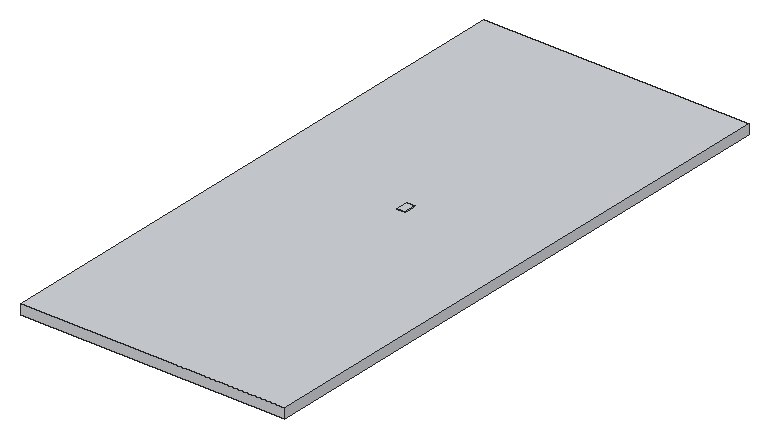
Revit family "M_Rectangular Face Opening Solid", category Generic Models, host Face, Revit 2020
Family settings
  Host = Face
  Can host rebar = No
  Round Connector Dimension = Use Diameter
  Part Type = Normal
  OmniClass Number = 23.30.00.00
  OmniClass Title = Openings, Passages, Protection
  Cut with Voids When Loaded = Yes
  Shared = No
  Room Calculation Point = No
Parameters (values of type "Rectangular Face Opening")
  h [instance] = 300 mm
  b [instance] = 200 mm
  U.K_#World [instance] = Opening Absolute Level - Height / 2  # -150 mm
  U.K_#Project [instance] = Opening Elevation - Height / 2  # -150 mm
  U.K_#Link [instance] = ##Middle Elevation - Height / 2  # -150 mm
  Struc - Date [instance] = ""
  Struc - Comment [instance] = "-"
  Struc - Approval [instance] = no
  Slope Shift_Plan [instance] = Width_help / 2  # 100 mm
  Slope Shift_Front_Back [instance] = if(or(Rotate = 90.00°, Rotate = 270.00°), (Width_help - Additional Bottom Cut Offset + Additional Top Cut Offset) / 2, Width / 2)  # 100 mm
  Slope Shift_Left_Right [instance] = if(Slope = 0.00°, if(or(Rotate = 0.00°, Rotate = 180.00°), HT, Height_help / 2), (if(or(Rotate = 90.00°, Rotate = 270.00°), Width / cos(Slope) / 2 - (Depth with Offset * tan(Slope)), Height_help w_o add offsets / cos(Slope) / 2 - (Depth with Offset * tan(Slope)) + if(Additional Top Cut Offset > 0 mm, Additional Top Cut Offset / cos(Slope), 0 mm)))) + (tan(Slope) * Depth with Offset) + if(Rotate = 0.00°, Additional Bottom Cut Offset - Additional Top Cut Offset, 0 mm)  # 150 mm
  Width_help [instance] = if(or(Rotate = 90.00°, Rotate = 270.00°), Height, Width)  # 200 mm
  System Type [instance] = ""
  System Name [instance] = ""
  System Classification [instance] = ""
  Subcategory = "Cut Opening"  # constant formula
  Slope_Help [instance] = if(Face Offset_True = 0 mm, 2 mm, 1 mm)  # 2 mm
  Slope [instance] = 0.00°
  Service Type [instance] = ""
  Opening Shape [instance] = ""
  Opening Mark [instance] = ""
  Opening Level [instance] = ""
  Opening Elevation [instance] = 0 mm
  Opening Area [instance] = Width * Height  # 0.06 m²
  Opening Absolute Level [instance] = 0 mm
  MEP - Not Required [instance] = no
  MEP - Date [instance] = ""
  MEP - Comment [instance] = "-"
  MEP - Approval [instance] = no
  Insertion Date [instance] = ""
  Insertion Configuration [instance] = ""
  Inserted By [instance] = ""
  Host [instance] = ""
  Height_help w_o add offsets [instance] = if(h > 2 mm, h + 2 * Cut Offset, 2 mm)  # 300 mm
  Width [instance] = if(b > 2 mm, b + 2 * Cut Offset, 2 mm)  # 200 mm
  Top Length [instance] = if(Face Offset_True = 0 mm, if(Lengthen / 1 * tan(Slope_T) < 2 mm, 0 mm, Lengthen / 1 * tan(Slope_T)), 0 mm)  # 0 mm
  Slope_T [instance] = if(and(not(Slope < 0.00°), Slope < 85.00°), Slope, 0.00°)  # 0.00°
  Rotate_T [instance] = -Rotate  # 0.00°
  Rotate [instance] = 0.00°
  Opening Offset Z [instance] = (-(Additional Top Cut Offset - Additional Bottom Cut Offset) / 2) * sin(Rotate)  # 0 mm
  Opening Offset X [instance] = (-(Additional Top Cut Offset - Additional Bottom Cut Offset) / 2) * cos(Rotate)  # 0 mm
  Lengthen [instance] = if(Height > Width, Height, Width)  # 300 mm
  Height_help [instance] = if(or(Rotate = 90.00°, Rotate = 270.00°), Width / cos(Slope), Height / cos(Slope))  # 300 mm
  HT [instance] = (h / 2 + 1 * Cut Offset + Additional Top Cut Offset) / sin(Angle)  # 150 mm
  HB [instance] = (h / 2 + 1 * Cut Offset + Additional Bottom Cut Offset) / sin(Angle)  # 150 mm
  Filled Region = yes
  Lines [instance] = not(Filled Region)  # no
  Face Offset_Positive [instance] = if(Face Offset_True > 0 mm, Face Offset_True, 0 mm)  # 0 mm
  Face Offset_Negative [instance] = if(Face Offset_True < 0 mm, -Face Offset_True, 0 mm)  # 0 mm
  Face Offset_True [instance] = if(Slope = 0.00°, Face Offset, 0 mm)  # 0 mm
  Face Offset [instance] = 0 mm
  Extrude End [instance] = -Depth_True  # -250 mm
  Detail - Yes / No [instance] = no
  Description = "BM"
  Depth_True [instance] = if(Depth with Offset + Face Offset_True > 2 mm, Depth with Offset + Face Offset_True, 2 mm)  # 250 mm
  Depth with Offset [instance] = Depth + Depth Offset  # 250 mm
  Depth Offset [instance] = 0 mm
  Depth [instance] = 250 mm
  Dashed Outline = yes
  Bottom Length [instance] = if(Depth with Offset > 2 mm, Depth with Offset / sin(Angle), 2 mm) + Lengthen / 1 * tan(Slope_T)  # 250 mm
  Height_True [instance] = Height / sin(Angle)  # 300 mm
  Height [instance] = if(h > 2.032 mm, h + 2 * Cut Offset + Additional Top Cut Offset + Additional Bottom Cut Offset, 2.032 mm)  # 300 mm
  Default Elevation = 0 mm
  Cut Offset [instance] = 0 mm
  Assembly Code = ""
  Arc - Date [instance] = ""
  Arc - Comment [instance] = "-"
  Arc - Approval [instance] = no
  Angle [instance] = 90.00° - Slope_T  # 90.00°
  Additional Top Cut Offset [instance] = 0 mm
  Additional Bottom Cut Offset [instance] = 0 mm
  #Phase Created [instance] = ""
  #Level [instance] = ""
  #Elevation at Bottom [instance] = 0 mm
  ##Reference Level [instance] = ""
  ##Middle Elevation [instance] = 0 mm
  ##Design Option [instance] = ""
  ##Bottom Elevation [instance] = 0 mm
Reference planes
  plane 1 "Center (Front/Back)": y = 0
  plane 2: z = 0
  plane 3 "Center (Left/Right)": x = 0
  plane 4: x = -100
  plane 5: x = 100
  plane 6: y = -150
  plane 7: y = 150
  plane 8 "Graphical Elements Movement Help": y = -150
  plane 9 "Graphical Elements Movement Help 2": x = -100
  plane 10 "Face Offset_Negative": z = 0
  plane 11 "Face Offset_Positive": z = 0
  plane 12 "Graphical Elements Movement Help 3": x = 0
Forms (mm)
  Extrusion 1, solid
    sketch origin (0, 0, 0) x (1, 0, 0) y (0, 1, 0)
      loop
        line (-3545.185, 6900) -> (-3545.185, -7832.283) -> (3196.862, -7832.283) -> (3196.862, 6900) -> (-3545.185, 6900)
    from 0 to -250 <- "Extrude End"
  Sweep 2, solid
    path in 3D
      loop
        line (0, 0, -250) -> (0, 0, -2) -> (0, 0, 0)
    profile "Rertangular Profile : Rertangular Profile" origin (0, 0, -1) x (0, -1, 0) y (1, 0, 0)
      loop
        line (-150, 100) -> (-150, -100) -> (150, -100) -> (150, 100) -> (-150, 100)
Lines and regions (mm)
  reference lines
    curve 1: line (0, 0, -2) -> (0, 0, 0)
    curve 2: line (0, 0, -2) -> (0, 0, -250)
  sketch lines
    curve 3: line (0, 0, -2) -> (0, 0, 0)
    curve 4: line (0, 0, -2) -> (0, 0, -250)
Dimensions and locks
  equal spacing: plane 4, plane 3 "Center (Left/Right)", plane 5
  "Width": plane 4 to plane 5
  "Height_True": plane 7 to plane 6
  "Bottom Length": plane 2 to curve 2
  "Top Length": plane 10 "Face Offset_Negative" to curve 1
  "HT": plane 1 "Center (Front/Back)" to plane 7
  "HB": plane 1 "Center (Front/Back)" to plane 6
  plane 1 "Center (Front/Back)" to plane 8 "Graphical Elements Movement Help" = 150 mm
  "Slope Shift_Front_Back": plane 3 "Center (Left/Right)" to plane 9 "Graphical Elements Movement Help 2"
  "Face Offset_Positive": plane 11 "Face Offset_Positive" to plane 2
  "Face Offset_Negative": plane 11 "Face Offset_Positive" to plane 10 "Face Offset_Negative"
  "Slope_Help": plane 10 "Face Offset_Negative" to curve 1
  "Slope Shift_Left_Right": plane 8 "Graphical Elements Movement Help" to plane 1 "Center (Front/Back)"
  "Slope Shift_Plan": plane 9 "Graphical Elements Movement Help 2" to plane 12 "Graphical Elements Movement Help 3"
  "Width_help": plane 9 "Graphical Elements Movement Help 2" to nested 1
  "Width_help": plane 9 "Graphical Elements Movement Help 2" to nested 7
  "Angle": angle curve 2 to level
  "Angle": angle curve 1 to level
  aligned and locked: Extrusion 1 to plane 2
  aligned and locked: Extrusion 1 to level
  aligned and locked: plane 1 "Center (Front/Back)" to curve 2
  aligned and locked: plane 9 "Graphical Elements Movement Help 2" to nested 2
  aligned and locked: plane 9 "Graphical Elements Movement Help 2" to nested 4
  aligned and locked: nested 4 to plane 10 "Face Offset_Negative"
  aligned and locked: nested 2 to plane 10 "Face Offset_Negative"
  aligned and locked: nested 8 to plane 10 "Face Offset_Negative"
  aligned and locked: nested 6 to plane 8 "Graphical Elements Movement Help"
  aligned and locked: nested 6 to plane 10 "Face Offset_Negative"
  aligned and locked: nested 5 to plane 8 "Graphical Elements Movement Help"
  aligned and locked: nested 5 to plane 10 "Face Offset_Negative"
  aligned and locked: nested 9 to plane 8 "Graphical Elements Movement Help"
  aligned and locked: nested 9 to plane 10 "Face Offset_Negative"
  aligned and locked: nested 3 to plane 8 "Graphical Elements Movement Help"
  aligned and locked: plane 9 "Graphical Elements Movement Help 2" to nested 8
  aligned and locked: nested 3 to plane 12 "Graphical Elements Movement Help 3"
  aligned and locked: nested 1 to plane 8 "Graphical Elements Movement Help"
  aligned and locked: nested 7 to plane 8 "Graphical Elements Movement Help"
Automatic sketch dimensions
  Extrusion 1 sketch curve to Extrusion 1 sketch curve = 6742.047 mm
  Extrusion 1 sketch curve to Extrusion 1 sketch curve = 14732.283 mm
Nested families
  nested 1: "Opening Lines - Front" at (100, -150, 0) x (-1, 0, 0) z (0, 0, 1), Width_or_Height <- "Width_help", Depth <- "Height_help", visible <- "Lines", type "Standard"
    with Width_or_Height_True 200 mm, Width_or_Height 200 mm, Test Angle q 60.00°, Test Angle p 135.00°, Side Length 300 mm, Region Visible yes, built-in parameter 1001306 0.65617 (stored number, unit not read), Diagonal q 360.555 mm, Diagonal p 360.555 mm, Depth_True 300 mm, Depth 300 mm, Coeff2 1.5, Coeff1 0.66667, Angle_True 90.00°, Angle 90.00°
  nested 2: "Opening Region - Front" at (-100, 0, 0) x (1, 0, 0) z (0, -1, 0), Width_or_Height <- "Width_help", Depth <- "Depth_True", visible <- "Filled Region", type "Standard"
    with Width_or_Height_True 200 mm, Width_or_Height 200 mm, Test Angle q 72.00°, Test Angle p 112.50°, Side Length 250 mm, Region Visible yes, built-in parameter 1001306 0.65617 (stored number, unit not read), Diagonal q 320.156 mm, Diagonal p 320.156 mm, Depth_True 250 mm, Depth 250 mm, Coeff2 1.25, Coeff1 0.8, Angle_True 90.00°, Angle 90.00°
  nested 3: "Opening Region - Plan" at (0, -150, 0) x (-1, 0, 0) z (0, 0, 1), Width <- "Width_help", Depth_Height <- "Height_help", visible <- "Filled Region", type "Standard"
    with Width 200 mm, Depth_Height 300 mm, Depth_4 50 mm, Depth_2 100 mm
  nested 4: "Opening Lines - Front" at (-100, 0, 0) x (1, 0, 0) z (0, -1, 0), Width_or_Height <- "Width_help", Depth <- "Depth_True", visible <- "Lines", type "Standard"
    with Width_or_Height_True 200 mm, Width_or_Height 200 mm, Test Angle q 72.00°, Test Angle p 112.50°, Side Length 250 mm, Region Visible yes, built-in parameter 1001306 0.65617 (stored number, unit not read), Diagonal q 320.156 mm, Diagonal p 320.156 mm, Depth_True 250 mm, Depth 250 mm, Coeff2 1.25, Coeff1 0.8, Angle_True 90.00°, Angle 90.00°
  nested 5: "Opening Region - Front" at (0, -150, 0) x (0, 1, 0) z (1, 0, 0), Width_or_Height <- "Height_help", Depth <- "Depth_True", Angle <- "Angle", visible <- "Filled Region", type "Standard"
    with Width_or_Height_True 300 mm, Width_or_Height 300 mm, Test Angle q 108.00°, Test Angle p 75.00°, Side Length 250 mm, Region Visible yes, built-in parameter 1001306 0.98425 (stored number, unit not read), Diagonal q 390.512 mm, Diagonal p 390.512 mm, Depth_True 250 mm, Depth 250 mm, Coeff2 0.83333, Coeff1 1.2, Angle_True 90.00°, Angle 90.00°
  nested 6: "Opening Lines - Front" at (0, -150, 0) x (0, 1, 0) z (1, 0, 0), Width_or_Height <- "Height_help", Depth <- "Depth_True", Angle <- "Angle", visible <- "Lines", type "Standard"
    with Width_or_Height_True 300 mm, Width_or_Height 300 mm, Test Angle q 108.00°, Test Angle p 75.00°, Side Length 250 mm, Region Visible yes, built-in parameter 1001306 0.98425 (stored number, unit not read), Diagonal q 390.512 mm, Diagonal p 390.512 mm, Depth_True 250 mm, Depth 250 mm, Coeff2 0.83333, Coeff1 1.2, Angle_True 90.00°, Angle 90.00°
  nested 7: "Opening Outlines - Front" at (100, -150, 0) x (-1, 0, 0) z (0, 0, 1), Width_or_Height <- "Width_help", Depth <- "Height_help", visible <- "Dashed Outline", type "Standard"
    with Width_or_Height_True 200 mm, Width_or_Height 200 mm, Test Angle q 60.00°, Test Angle p 135.00°, Side Length 300 mm, Region Visible yes, built-in parameter 1001306 0.65617 (stored number, unit not read), Diagonal q 360.555 mm, Diagonal p 360.555 mm, Depth_True 300 mm, Depth 300 mm, Coeff2 1.5, Coeff1 0.66667, Angle_True 90.00°, Angle 90.00°
  nested 8: "Opening Outlines - Front" at (-100, 0, 0) x (1, 0, 0) z (0, -1, 0), Width_or_Height <- "Width_help", Depth <- "Depth_True", visible <- "Dashed Outline", type "Standard"
    with Width_or_Height_True 200 mm, Width_or_Height 200 mm, Test Angle q 72.00°, Test Angle p 112.50°, Side Length 250 mm, Region Visible yes, built-in parameter 1001306 0.65617 (stored number, unit not read), Diagonal q 320.156 mm, Diagonal p 320.156 mm, Depth_True 250 mm, Depth 250 mm, Coeff2 1.25, Coeff1 0.8, Angle_True 90.00°, Angle 90.00°
  nested 9: "Opening Outlines - Front" at (0, -150, 0) x (0, 1, 0) z (1, 0, 0), Width_or_Height <- "Height_help", Depth <- "Depth_True", Angle <- "Angle", visible <- "Dashed Outline", type "Standard"
    with Width_or_Height_True 300 mm, Width_or_Height 300 mm, Test Angle q 108.00°, Test Angle p 75.00°, Side Length 250 mm, Region Visible yes, built-in parameter 1001306 0.98425 (stored number, unit not read), Diagonal q 390.512 mm, Diagonal p 390.512 mm, Depth_True 250 mm, Depth 250 mm, Coeff2 0.83333, Coeff1 1.2, Angle_True 90.00°, Angle 90.00°
Definition of nested family "Opening Lines - Front"
  Parameters (values of type "Standard")
    Width_or_Height_True [instance] = if(Width_or_Height < 2 mm, 2 mm, if(or(0.5 * Diagonal q < 1 mm, 0.5 * Diagonal q < 1 mm), 2 mm, Width_or_Height))  # 15000 mm
    Width_or_Height [instance] = 15000 mm
    Test Angle q [instance] = Coeff1 * Angle  # 2700.00°
    Test Angle p [instance] = Coeff2 * Angle  # 3.00°
    Side Length [instance] = Depth / sin(Angle)  # 500 mm
    Region Visible [instance] = if(Angle < 20.00°, 1 = 0, if(or(Test Angle q < 3.00°, Test Angle p < 3.00°), 1 = 0, if(or(Width_or_Height < 2 mm, Depth < 2 mm), 1 = 0, if(or(0.5 * Diagonal q < 1 mm, 0.5 * Diagonal q < 1 mm), 1 = 0, 1 = 1))))  # yes
    built-in parameter 1001306 [instance] = Width_or_Height_True  # 49.213 (stored number, unit not read)
    Diagonal q [instance] = if(Angle < 90.00°, sqrt(Side Length ^ 2 + Width_or_Height ^ 2 + 2 * Width_or_Height * Side Length * cos(Angle)), sqrt(Side Length ^ 2 + Width_or_Height ^ 2 - 2 * Width_or_Height * Side Length * cos(Angle)))  # 15008.331 mm
    Diagonal p [instance] = if(Angle < 90.00°, sqrt(Side Length ^ 2 + Width_or_Height ^ 2 - 2 * Width_or_Height * Side Length * cos(Angle)), sqrt(Side Length ^ 2 + Width_or_Height ^ 2 + 2 * Width_or_Height * Side Length * cos(Angle)))  # 15008.331 mm
    Depth_True [instance] = if(or(Test Angle q < 2.00°, Test Angle p < 2.00°), Width_or_Height, if(Depth < 2 mm, 2 mm, if(or(0.5 * Diagonal q < 1 mm, 0.5 * Diagonal q < 1 mm), Width_or_Height_True, Depth)))  # 500 mm
    Depth [instance] = 500 mm
    Coeff2 [instance] = Depth / Width_or_Height  # 0.033333
    Coeff1 [instance] = Width_or_Height / Depth  # 30
    Angle_True [instance] = if(Angle < 20.00°, 90.00°, if(or(Test Angle q < 3.00°, Test Angle p < 3.00°), 90.00°, if(or(0.5 * Diagonal q < 1 mm, 0.5 * Diagonal q < 1 mm), 90.00°, Angle)))  # 90.00°
    Angle [instance] = 90.00°
  Reference planes
    plane 1 "Center (Front/Back)": y = 0
    plane 2: z = 0
    plane 3 "Left": x = 0
    plane 4 "Right": x = 15000
    plane 5 "Bottom center": y = -500
  Lines and regions (mm)
    reference lines, in view "Ref. Level"
      curve 1: line (0, 0, 0) -> (15000, 0, 0)
      curve 2: line (15000, 0, 0) -> (15000, -500, 0)
      curve 3: line (0, 0, 0) -> (0, -500, 0)
      curve 4: line (0, 0, 0) -> (15000, -500, 0)
      curve 5: line (0, -500, 0) -> (15000, 0, 0)
    detail lines, in view "Ref. Level"
      curve 6: line (15000, 0, 0) -> (0, -500, 0)
      curve 7: line (0, 0, 0) -> (15000, -500, 0)
  Dimensions and locks
    plane 3 "Left" to plane 4 "Right" = 15000 mm
    "Depth_True": plane 1 "Center (Front/Back)" to plane 5 "Bottom center"
    "Width_or_Height_True": plane 3 "Left" to plane 4 "Right"
    "Angle_True": angle plane 5 "Bottom center" to curve 2
    "Angle_True": angle plane 5 "Bottom center" to curve 3
    aligned and locked: plane 4 "Right" to curve 1
    aligned and locked: plane 3 "Left" to curve 1
    aligned and locked: curve 2 to plane 5 "Bottom center"
    aligned and locked: plane 1 "Center (Front/Back)" to curve 1
    aligned and locked: curve 5 to curve 6
    aligned and locked: curve 7 to curve 4  (x2)
    aligned and locked: curve 6 to curve 5
  Automatic sketch dimensions
    curve 5 to plane 5 "Bottom center" = 0 mm
    curve 6 to plane 5 "Bottom center" = 0 mm
    plane 1 "Center (Front/Back)" to curve 7 = 0 mm
    curve 7 to plane 5 "Bottom center" = 0 mm
    plane 1 "Center (Front/Back)" to curve 6 = 0 mm
Definition of nested family "Opening Region - Front"
  Parameters (values of type "Standard")
    Width_or_Height_True [instance] = if(Width_or_Height < 2 mm, 2 mm, if(or(0.5 * Diagonal q < 1 mm, 0.5 * Diagonal q < 1 mm), 2 mm, Width_or_Height))  # 11000 mm
    Width_or_Height [instance] = 11000 mm
    Test Angle q [instance] = Coeff1 * Angle  # 4950.00°
    Test Angle p [instance] = Coeff2 * Angle  # 1.63636°
    Side Length [instance] = Depth / sin(Angle)  # 200 mm
    Region Visible [instance] = if(Angle < 20.00°, 1 = 0, if(or(Test Angle q < 3.00°, Test Angle p < 3.00°), 1 = 0, if(or(Width_or_Height < 2 mm, Depth < 2 mm), 1 = 0, if(or(0.5 * Diagonal q < 1 mm, 0.5 * Diagonal q < 1 mm), 1 = 0, 1 = 1))))  # no
    built-in parameter 1001306 [instance] = Width_or_Height_True  # 36.089 (stored number, unit not read)
    Diagonal q [instance] = if(Angle < 90.00°, sqrt(Side Length ^ 2 + Width_or_Height ^ 2 + 2 * Width_or_Height * Side Length * cos(Angle)), sqrt(Side Length ^ 2 + Width_or_Height ^ 2 - 2 * Width_or_Height * Side Length * cos(Angle)))  # 11001.818 mm
    Diagonal p [instance] = if(Angle < 90.00°, sqrt(Side Length ^ 2 + Width_or_Height ^ 2 - 2 * Width_or_Height * Side Length * cos(Angle)), sqrt(Side Length ^ 2 + Width_or_Height ^ 2 + 2 * Width_or_Height * Side Length * cos(Angle)))  # 11001.818 mm
    Depth_True [instance] = if(or(Test Angle q < 2.00°, Test Angle p < 2.00°), Width_or_Height, if(Depth < 2 mm, 2 mm, if(or(0.5 * Diagonal q < 1 mm, 0.5 * Diagonal q < 1 mm), Width_or_Height_True, Depth)))  # 11000 mm
    Depth [instance] = 200 mm
    Coeff2 [instance] = Depth / Width_or_Height  # 0.018182
    Coeff1 [instance] = Width_or_Height / Depth  # 55
    Angle_True [instance] = if(Angle < 20.00°, 90.00°, if(or(Test Angle q < 3.00°, Test Angle p < 3.00°), 90.00°, if(or(0.5 * Diagonal q < 1 mm, 0.5 * Diagonal q < 1 mm), 90.00°, Angle)))  # 90.00°
    Angle [instance] = 90.00°
  Reference planes
    plane 1 "Center (Front/Back)": y = 0
    plane 2: z = 0
    plane 3 "Left": x = 0
    plane 4 "Right": x = 11000
    plane 5: y = -11000
  Lines and regions (mm)
    Filled region 1, type "Solid Fill - Black", in view "Ref. Level", visible <- "Region Visible"
      outline origin (0, 0, 0) x (1, 0, 0) y (0, 1, 0)
        loop
          line (11000, 0) -> (5500, -5500) -> (11000, -11000) -> (11000, 0)
    Filled region 2, type "Solid Fill - Black", in view "Ref. Level", visible <- "Region Visible"
      outline origin (0, 0, 0) x (1, 0, 0) y (0, 1, 0)
        loop
          line (0, 0) -> (0, -11000) -> (5500, -5500) -> (0, 0)
    reference lines, in view "Ref. Level"
      curve 1: line (0, 0, 0) -> (11000, 0, 0)
      curve 2: line (11000, 0, 0) -> (11000, -11000, 0)
      curve 3: line (0, 0, 0) -> (0, -11000, 0)
      curve 4: line (0, 0, 0) -> (11000, -11000, 0)
      curve 5: line (0, -11000, 0) -> (11000, 0, 0)
  Dimensions and locks
    plane 3 "Left" to plane 4 "Right" = 11000 mm  (x2)
    "Depth_True": plane 1 "Center (Front/Back)" to plane 5
    "Width_or_Height_True": plane 3 "Left" to plane 4 "Right"
    "Angle_True": angle plane 5 to curve 2
    "Angle_True": angle plane 5 to curve 3
    aligned and locked: plane 4 "Right" to curve 1
    aligned and locked: plane 3 "Left" to curve 1
    aligned and locked: curve 2 to plane 5
    aligned and locked: plane 1 "Center (Front/Back)" to curve 1
    aligned and locked: Filled region 2 sketch curve to curve 3
    aligned and locked: Filled region 2 sketch curve to curve 5
    aligned and locked: Filled region 2 sketch curve to curve 4
    aligned and locked: Filled region 1 sketch curve to curve 5
    aligned and locked: curve 4 to Filled region 1 sketch curve
    aligned and locked: Filled region 1 sketch curve to curve 2
  Automatic sketch dimensions
    curve 5 to plane 5 = 0 mm
Definition of nested family "Opening Region - Plan"
  Parameters (values of type "Standard")
    Width [instance] = 50 mm
    Depth_4 [instance] = if(Depth_Height < Width, Depth_Height / 4, Width / 4)  # 12.5 mm
    Depth_2 [instance] = if(Depth_Height < Width, Depth_Height / 2, Width / 2)  # 25 mm
    Depth_Height [instance] = 1500 mm
  Reference planes
    plane 1 "Center (Front/Back)": y = 0
    plane 2: z = 0
    plane 3 "Center (Left/Right)": x = 0
  Lines and regions (mm)
    Filled region 1, type "Concrete", in view "Ref. Level"
      outline origin (0, -260, 0) x (1, 0, 0) y (0, 1, 0)
        loop
          line (12.5, -1227.5) -> (-25, -1240) -> (25, -1240) -> (25, 260) -> (12.5, -1227.5)
  Dimensions and locks
    equal spacing: Filled region 1 sketch curve, plane 3 "Center (Left/Right)", Filled region 1 sketch curve
    "Width": Filled region 1 sketch curve to Filled region 1 sketch curve
    "Depth_Height": Filled region 1 sketch curve to plane 1 "Center (Front/Back)"
    "Depth_4": Filled region 1 sketch curve to Filled region 1 sketch curve  (x2)
    aligned and locked: plane 1 "Center (Front/Back)" to Filled region 1 sketch curve
Definition of nested family "Opening Outlines - Front"
  Parameters (values of type "Standard")
    Width_or_Height_True [instance] = if(Width_or_Height < 2 mm, 2 mm, if(or(0.5 * Diagonal q < 1 mm, 0.5 * Diagonal q < 1 mm), 2 mm, Width_or_Height))  # 20 mm
    Width_or_Height [instance] = 20 mm
    Test Angle q [instance] = Coeff1 * Angle  # 60.00°
    Test Angle p [instance] = Coeff2 * Angle  # 60.00°
    Side Length [instance] = Depth / sin(Angle)  # 23.094 mm
    Region Visible [instance] = if(Angle < 20.00°, 1 = 0, if(or(Test Angle q < 3.00°, Test Angle p < 3.00°), 1 = 0, if(or(Width_or_Height < 2 mm, Depth < 2 mm), 1 = 0, if(or(0.5 * Diagonal q < 1 mm, 0.5 * Diagonal q < 1 mm), 1 = 0, 1 = 1))))  # yes
    built-in parameter 1001306 [instance] = Width_or_Height_True  # 0.065617 (stored number, unit not read)
    Diagonal q [instance] = if(Angle < 90.00°, sqrt(Side Length ^ 2 + Width_or_Height ^ 2 + 2 * Width_or_Height * Side Length * cos(Angle)), sqrt(Side Length ^ 2 + Width_or_Height ^ 2 - 2 * Width_or_Height * Side Length * cos(Angle)))  # 37.353 mm
    Diagonal p [instance] = if(Angle < 90.00°, sqrt(Side Length ^ 2 + Width_or_Height ^ 2 - 2 * Width_or_Height * Side Length * cos(Angle)), sqrt(Side Length ^ 2 + Width_or_Height ^ 2 + 2 * Width_or_Height * Side Length * cos(Angle)))  # 21.713 mm
    Depth_True [instance] = if(or(Test Angle q < 2.00°, Test Angle p < 2.00°), Width_or_Height, if(Depth < 2 mm, 2 mm, if(or(0.5 * Diagonal q < 1 mm, 0.5 * Diagonal q < 1 mm), Width_or_Height_True, Depth)))  # 20 mm
    Depth [instance] = 20 mm
    Coeff2 [instance] = Depth / Width_or_Height  # 1
    Coeff1 [instance] = Width_or_Height / Depth  # 1
    Angle_True [instance] = if(Angle < 20.00°, 90.00°, if(or(Test Angle q < 3.00°, Test Angle p < 3.00°), 90.00°, if(or(0.5 * Diagonal q < 1 mm, 0.5 * Diagonal q < 1 mm), 90.00°, Angle)))  # 60.00°
    Angle [instance] = 60.00°
  Reference planes
    plane 1 "Center (Front/Back)": y = 0
    plane 2: z = 0
    plane 3 "Left": x = 0
    plane 4 "Right": x = 20
    plane 5 "Bottom center": y = -20
  Lines and regions (mm)
    reference lines, in view "Ref. Level"
      curve 1: line (0, 0, 0) -> (20, 0, 0)
      curve 2: line (20, 0, 0) -> (8.453, -20, 0)
      curve 3: line (0, 0, 0) -> (-11.547, -20, 0)
    detail lines, in view "Ref. Level"
      curve 4: line (-11.547, -20, 0) -> (0, 0, 0)
      curve 5: line (0, 0, 0) -> (20, 0, 0)
      curve 6: line (20, 0, 0) -> (8.453, -20, 0)
      curve 7: line (8.453, -20, 0) -> (-11.547, -20, 0)
  Dimensions and locks
    plane 3 "Left" to plane 4 "Right" = 20 mm
    "Depth_True": plane 1 "Center (Front/Back)" to plane 5 "Bottom center"
    "Width_or_Height_True": plane 3 "Left" to plane 4 "Right"
    "Angle_True": angle plane 5 "Bottom center" to curve 2
    "Angle_True": angle plane 5 "Bottom center" to curve 3
    aligned and locked: plane 4 "Right" to curve 1
    aligned and locked: plane 3 "Left" to curve 1
    aligned and locked: plane 5 "Bottom center" to curve 2
    aligned and locked: plane 1 "Center (Front/Back)" to curve 1
    aligned and locked: plane 1 "Center (Front/Back)" to curve 5
    aligned and locked: curve 6 to curve 2
    aligned and locked: plane 5 "Bottom center" to curve 7
    aligned and locked: curve 4 to curve 3
